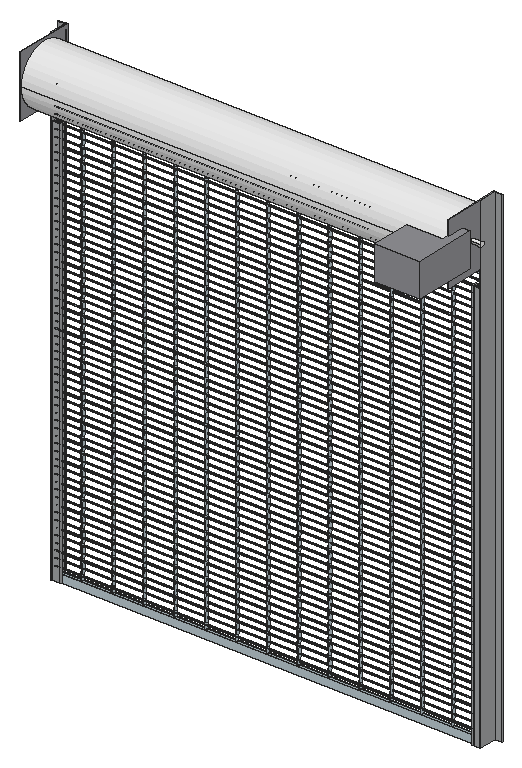
Revit family "Upward-Coiling-Security-Grilles_OHD_Model-671_compact", category Specialty Equipment, host Wall, Revit 2023
Family settings
  Host = Wall
  Round Connector Dimension = Use Diameter
  Part Type = Normal
  OmniClass Number = 23.30.10.21.34
  OmniClass Title = Industrial Doors
  Enable Cutting in Views = No
  Always vertical = Yes
  Cut with Voids When Loaded = Yes
  Maintain Annotation Orientation = No
  Shared = No
  Room Calculation Point = No
Parameters (values of type "115 volts, one phase, 60 Hz (110-120V range)")
  Warning Sign [instance] = if(Calculated Area > 683.00 SF, 1 = 1, 1 = 2)  # no
  Warning (Note) [instance] = if(Warning Sign, "The Door Area is out of the limit; please adjust accordingly. The maximum allowed area is 683 sq. ft.", if(Opening Height > 360", "Headroom Clearance Dimensions - out of the limits. Consult Factory", " "))  # " "
  Wall Thickness [instance] = 6"
  Voltage = 115 V
  Version = "1.00.01"  # constant formula
  True Opening Width [instance] = if(Between Jambs Mounting, Door Width True, Clear Width)  # 120"
  True Opening Height [instance] = if(Between Jambs Mounting, Clear Height + Headroom Height, Clear Height)  # 120"
  M2 Value [instance] = if(Face Of Wall Mounting, 4 3/4", 5 1/2")  # 4 3/4"
  Jambs Offset 2 [instance] = if(Between Jambs Mounting, BJ Displacement Real 2 + G Value, 0")  # 0"
  Door Half 1 [instance] = if(Between Jambs Mounting, Clear Width / 2 + BJ Displacement Real 1 + G Value, Clear Width / 2 + M1 Value)  # 64 3/4"
  Default Elevation = 0"
  Date Updated = "2026/05/29"  # constant formula
  Curtain Type [instance] = if(Curtain Option < 2, "Lattice", if(Curtain Option = 2, "Brick", "Lexan"))  # "Lattice"
  Curtain Option [instance] = 1
  Slat Length [instance] = Clear Width + G Value * 2 - 1" / 2 * 2  # 124"
  Slat Height [instance] = if(Curtain Option < 3, 8", 11 1/2")  # 8"
  Curtain Option Real [instance] = if(Curtain Option < 2, 1, if(Curtain Option = 2, 2, 3))  # 1
  Product Page URL = "https://www.overheaddoor.com/upward-coiling-security-grilles-671"
  Power Factor = 1
  Powder Coat (Note) = "PowderGuard® Premium powder coat finish options are available in approximately 200 colors as well as custom matching to specification. PowderGuard® Textured finish, a thicker, more scratch resistant coat, is available in 11 colors providing enhanced scratch resistance as well as aiding in hiding the dirt and blemishes that often occur in commercial environments.​"  # constant formula
  Operator Visibility = yes
  Operation (Note) [instance] = "Door could operate by manual push, crank, electrical operator or chain hoist. Manual push up and crank could be used up to 80 sf, for larger door sizes you have to use Chain Hoist operator."  # constant formula
  Opening Width Real [instance] = if(Opening Width > Max Opening Width, Max Opening Width, if(Opening Width < Min Opening Width, Min Opening Width, Opening Width))  # 120"
  Opening Width [instance] = 120"
  Opening Height Real [instance] = if(Opening Height > Max Opening Height, Max Opening Height, if(Opening Height < Min Opening Height, Min Opening Height, Opening Height))  # 120"
  Opening Height [instance] = 120"
  Number of Poles = 1
  Motor Type [instance] = if(Between Jambs Mounting, if(Motor Option < 2, "CDX", if(Motor Option = 2, "E-Egress", if(Motor Option = 3, "RSX Front of Hood", "RSX Top of Hood"))), if(Motor Option < 2, "CDX", if(Motor Option = 2, "E-Egress", if(Motor Option = 3, "RSX Front of Hood", if(Motor Option = 4, "RSX Top of Hood", if(Motor Option = 5, "RSX Wall Mount", "RSX Bench Mount"))))))  # "CDX"
  Motor Selection (Note) [instance] = "Generic operator shown. Contact Overhead Door when dimensions are critical. "  # constant formula
  Motor Position [instance] = M1 Value - G Value  # 2 1/4"
  Motor Option Real [instance] = if(Between Jambs Mounting, if(Motor Option < 1, 1, if(Motor Option > 4, 4, Motor Option)), if(Motor Option < 1, 1, if(Motor Option > 6, 6, Motor Option)))  # 1
  Motor Option [instance] = 1
  Min Opening Width [instance] = 76"  # constant formula
  Min Opening Height [instance] = 76"  # constant formula
  Max Opening Width [instance] = 364"  # constant formula
  Max Opening Height [instance] = 208"  # constant formula
  M1 Value [instance] = if(Face Of Wall Mounting, 4 3/4", if(Chain Hoist or Manual, 5 1/2", 9 1/2"))  # 4 3/4"
  Lookup BD (A) [instance] = if(or(Opening Height Real < 79", Opening Height Real = 79"), 15", if(or(Opening Height Real < 130", Opening Height Real = 130"), 17", if(or(Opening Height Real < 190", Opening Height Real = 190"), 19", if(or(Opening Height Real < 234", Opening Height Real = 234"), 21", if(or(Opening Height Real < 270", Opening Height Real = 270"), 23", 25")))))  # 17"
  Jambs Offset 1 [instance] = if(Between Jambs Mounting, BJ Displacement Real 1 + G Value, 0")  # 0"
  Installation Real [instance] = if(Between Jambs Mounting, if((Wall Thickness / 2 - Guid Depth / 2) < 0", 0", Wall Thickness / 2 - Guid Depth / 2), Wall Thickness)  # 6"
  Hood Type [instance] = if(Hood Option < 2, "No Hood", if(Hood Option = 2, "Square Hood", if(Hood Option = 3, "Octagon Hood", "Round Hood")))  # "No Hood"
  Hood Option [instance] = 1
  Hood Offset [instance] = if(Chain Hoist or Manual, 3", 5")  # 5"
  Hood Material [instance] = Metal - Overhead Door - Gray
  Hood Height [instance] = [Lookup HH (B)]  # 18"
  Lookup HH (B) [instance] = if(or(Opening Height Real < 79", Opening Height Real = 79"), 16", if(or(Opening Height Real < 130", Opening Height Real = 130"), 18", if(or(Opening Height Real < 190", Opening Height Real = 190"), 20", if(or(Opening Height Real < 234", Opening Height Real = 234"), 22", if(or(Opening Height Real < 270", Opening Height Real = 270"), 24", 26")))))  # 18"
  Headroom Height Real [instance] = [Lookup HH (B)] + Hood Offset  # 23"
  Headroom Height [instance] = if(Between Jambs Mounting, Headroom Height Real, if(Hood Option > 1, Headroom Height Real + 1 1/2", Headroom Height Real))  # 23"
  Guide Type [instance] = if(Between Jambs Mounting, "Angled Between Jambs Z Guide", "Angled Z Guide")  # "Angled Z Guide"
  Guide Option [instance] = if(Between Jambs Mounting, 1, 2)  # 2
  Guid Depth [instance] = if(Between Jambs Mounting, D Value + 1/4", D Value)  # 5 1/2"
  G Value [instance] = 2 1/2"  # constant formula
  Frequency = 60 Hz
  Face of Wall Offset [instance] = if(Between Jambs Mounting, 0", 5")  # 5"
  Face Of Wall Mounting [instance] = not(Between Jambs Mounting)  # yes
  Door Width True [instance] = if(Between Jambs Mounting, Clear Width + BJ Displacement Real 1 + BJ Displacement Real 2 + G Value * 2, Clear Width + M1 Value + M2 Value)  # 129 1/2"
  Door Width (Real) [instance] = if(Between Jambs Mounting, Clear Width, Clear Width + 1" / 2)  # 120 1/2"
  Door Height True [instance] = Clear Height + Headroom Height  # 143"
  Door Height (Real) [instance] = Clear Height + Hood Offset  # 125"
  URL = "https://www.overheaddoor.com/"
  Product data url = "https://www.bimobject.com/overhead-door/product/upward-coiling-security-grilles-671"
  Product Guid = "f5c8fb94-4e0f-410e-a40e-7a4b6452fa51"
  Model = "671"  # constant formula
  Manufacturer = "Overhead Door Corporation"  # constant formula
  Wall Closure = By host
  Floor To (CL) of Shaft [instance] = Clear Height + Hood Height / 2 + Hood Offset  # 134"
  Finish Material = Metal - Overhead Door - Aluminum
  Description = "Model 671 Security Grille"  # constant formula
  D Value [instance] = 5 1/2"  # constant formula
  Curtain Material1 [instance] = 671 : Galvanized Steel
  Curtain Material Type [instance] = 671 : Galvanized Steel
  Clear Width [instance] = if(Between Jambs Mounting, Opening Width Real - BJ Displacement Real 1 - BJ Displacement Real 2 - G Value * 2, Opening Width Real)  # 120"
  Clear Height [instance] = if(Between Jambs Mounting, Opening Height Real - Headroom Height, Opening Height Real)  # 120"
  Chain Hoist or Manual = no
  Current = 20 A
  Bottom Bar Var [instance] = if(Curtain Material Type = Curtain Material1, 1, 2)  # 1
  BimObject_Variable_Connectors = "No"  # constant formula
  Between Jambs Mounting [instance] = no
  Between Jambs Guides Offset 2 [instance] = M2 Value - G Value  # 2 1/4"
  Between Jambs Guides Offset 1 [instance] = M1 Value - G Value  # 2 1/4"
  Bar [instance] = if(and(Hood Option > 1, Face Of Wall Mounting), 1 = 1, 1 = 2)  # no
  Backroom Depth [instance] = [Lookup BD (A)]  # 17"
  BJ Opening Cut [instance] = if(Between Jambs Mounting, Headroom Height, 0")  # 0"
  BJ Displacement Real 2 [instance] = if(Between Jambs Mounting, Between Jambs Guides Offset 2, 0")  # 0"
  BJ Displacement Real 1 [instance] = if(Between Jambs Mounting, Between Jambs Guides Offset 1, 0")  # 0"
  Array Real [instance] = if(Array < 2, 2, Array)  # 16
  Array Length [instance] = (Array) * Slat Height  # 128"
  Array [instance] = rounddown(([Door Height (Real)] - 3") / Slat Height) + 1  # 16
  Calculated Area [instance] = [Door Width (Real)] * [Door Height (Real)]  # 104.601 SF
  Apparent Load Phase 3 = if(Number of Poles = 1, 0 VA, (Voltage * Current * sqrt(3)) / 3)  # 0 VA
  Apparent Load Phase 2 = if(Number of Poles = 1, 0 VA, (Voltage * Current * sqrt(3)) / 3)  # 0 VA
  Apparent Load Phase 1 = if(Number of Poles = 1, Voltage * Current, (Voltage * Current * sqrt(3)) / 3)  # 2300 VA
Reference planes (in)
  plane 1 "Center (Front/Back)": y = -14.625
  plane 2 "Center (Left/Right)": x = 0
  plane 3 "Left": x = -60
  plane 4 "Right": x = 60
  plane 5 "Exterior": y = -8.625
  plane 6 "Interior": y = -14.625
  plane 7: x = 64.75
  plane 8: x = -64.75
  plane 9: z = 120
  plane 10 "Main": y = -19.75
  plane 11 "Backroom Depth": y = -32.125
  plane 12 "Main Door Block": y = -15.125
  plane 13 "Bottom Bar": z = 2.75
  plane 14: y = -20.125
  plane 15: z = 130.75
  plane 16: z = 143
  plane 17: z = 125
  plane 18: z = 144.5
  plane 19: z = 0
  plane 20: z = 60
  plane 21: y = -19.625
  plane 22: y = 18.375
  plane 23: y = -41.625
  plane 24 "Headroom Top": z = 143
  plane 25: z = 134
  plane 26: x = 62.5
  plane 27: x = -62.5
  plane 28: z = 122.75
  plane 29: z = 2.75
  plane 30: y = -19.75
  plane 31: z = 122.75
  plane 32: y = -19.75
  plane 33: z = 10.75
  plane 34: y = -19.75
  plane 35: z = 18.75
  plane 36: y = -19.75
  plane 37: z = 26.75
  plane 38: y = -19.75
  plane 39: z = 34.75
  plane 40: y = -19.75
  plane 41: z = 42.75
  plane 42: y = -19.75
  plane 43: z = 50.75
  plane 44: y = -19.75
  plane 45: z = 58.75
  plane 46: y = -19.75
  plane 47: z = 66.75
  plane 48: y = -19.75
  plane 49: z = 74.75
  plane 50: y = -19.75
  plane 51: z = 82.75
  plane 52: y = -19.75
  plane 53: z = 90.75
  plane 54: y = -19.75
  plane 55: z = 98.75
  plane 56: y = -19.75
  plane 57: z = 106.75
  plane 58: y = -19.75
  plane 59: z = 114.75
  plane 60: y = -19.75
Forms (in)
  Extrusion 1, void
    sketch origin (0, -15.125, 0) x (0, 0, -1) y (-1, 0, 0)
      loop
        line (-120, 60) -> (-120, -60) -> (0, -60) -> (0, 60) -> (-120, 60)
    from 0.5 to 6.5
  Extrusion 2, solid, material "Metal - Overhead Door - Gray" <- "Hood Material", visible <- "Bar"
    sketch origin (0, 0, 0) x (0, 1, 0) y (0, 0, 1)
      loop
        line (-14.875, 143) -> (-14.625, 143) -> (-14.625, 144.5) -> (-14.875, 144.5) -> (-14.875, 143)
    from -62.25 to 62.25
Lines and regions (in)
  symbolic lines, visible <- "Bar"
    curve 1: line (62.25, -14.625, 0) -> (-62.25, -14.625, 0)
    curve 2: line (-62.25, -14.875, 0) -> (62.25, -14.875, 0)
Text (in)
  text "Exterior" at (-74.96733, 27.31104, 0), in view "Ref. Level"
  text "Interior" at (-74.96733, -25.14366, 0), in view "Ref. Level"
  text "Exterior" at (0, 40.15149, 123.01588), in view "Right"
  text "Interior" at (0, -64.39139, 123.01588), in view "Right"
  text "Interior" at (0, -31.01599, 123.00693), in view "Left"
  text "Exterior" at (0, 54.57065, 123.00693), in view "Left"
Dimensions and locks (in)
  equal spacing: plane 3 "Left", plane 2 "Center (Left/Right)", plane 4 "Right"
  "Clear Width": plane 3 "Left" to plane 4 "Right"
  level to host wall = 459.59655"
  "Clear Height": level to plane 9
  plane 7 to plane 8 = 129 1/2"
  locked: plane 13 "Bottom Bar" to level at 2.75
  "Door Width True": plane 7 to plane 8
  locked: plane 14 to plane 10 "Main" at 0.375
  "Array Length": plane 15 to plane 13 "Bottom Bar"
  "Backroom Depth": plane 11 "Backroom Depth" to plane 12 "Main Door Block"
  "Hood Height": plane 16 to plane 17
  locked: plane 18 to plane 16 at 1.5
  locked: Extrusion 2 sketch curve to Extrusion 2 sketch curve at 0.25
  "Installation Real": plane 1 "Center (Front/Back)" to plane 5 "Exterior"
  "Wall Thickness": host wall to host wall
  equal spacing: plane 9, plane 20, plane 19
  equal spacing: plane 22, host wall, plane 23
  locked: plane 22 to plane 23 at 60
  "BJ Opening Cut": Extrusion 1 sketch curve to plane 9
  locked: Extrusion 2 sketch curve to Extrusion 2 sketch curve at 1.5
  "Hood Offset": plane 17 to plane 9
  "Headroom Height": plane 24 "Headroom Top" to plane 9
  "Floor To (CL) of Shaft": plane 25 to level
  "Jambs Offset 1": plane 4 "Right" to Extrusion 1 sketch curve
  "Jambs Offset 2": Extrusion 1 sketch curve to plane 3 "Left"
  "Between Jambs Guides Offset 1": plane 7 to plane 26
  "Between Jambs Guides Offset 2": plane 27 to plane 8
  locked: plane 27 to Extrusion 2 at 0.25
  locked: Extrusion 2 to plane 26 at 0.25
  "Guid Depth": plane 14 to plane 1 "Center (Front/Back)"
  "Slat Height": plane 15 to plane 28
  equal spacing: group 2, group 16, group 15, group 14, group 13, group 12, group 11, group 10, group 9, group 8, group 7, group 6, group 5, group 4, group 3, group 1  (x2)
  equal spacing: group 1, group 3, group 4, group 5, group 6, group 7, group 8, group 9, group 10, group 11, group 12, group 13, group 14, group 15, group 16, group 2
  locked: plane 14 to plane 21 at 0.5
  "Door Half 1": plane 7 to plane 2 "Center (Left/Right)"
  aligned and locked: plane 5 "Exterior" to host wall
  aligned and locked: host wall to plane 6 "Interior"
  aligned and locked: level to Extrusion 1 sketch curve
  aligned and locked: Extrusion 1 to plane 5 "Exterior"
  aligned and locked: plane 6 "Interior" to Extrusion 1
  aligned and locked: nested 1 to plane 2 "Center (Left/Right)"
  aligned and locked: plane 16 to nested 2
  aligned and locked: nested 1 to level
  aligned and locked: Extrusion 2 sketch curve to plane 18
  aligned and locked: Extrusion 2 sketch curve to plane 6 "Interior"
  aligned and locked: curve 1 to Extrusion 2  (x2)
  aligned and locked: curve 2 to Extrusion 2  (x2)
  aligned and locked: Extrusion 2 to curve 2
  aligned and locked: plane 5 "Exterior" to nested 2
  aligned and locked: level to plane 19
  aligned and locked: nested 1 to plane 1 "Center (Front/Back)"
  aligned and locked: plane 2 "Center (Left/Right)" to nested 3
  aligned and locked: nested 3 to plane 22
  aligned and locked: plane 23 to nested 4
  aligned and locked: nested 4 to plane 2 "Center (Left/Right)"
  aligned and locked: nested 5 to plane 20
  aligned and locked: plane 2 "Center (Left/Right)" to nested 5
  aligned and locked: nested 2 to plane 26
  aligned and locked: nested 5 to plane 21
  aligned and locked: plane 13 "Bottom Bar" to plane 29
  aligned and locked: plane 10 "Main" to plane 30
  aligned and locked: plane 28 to plane 31
  aligned and locked: plane 10 "Main" to plane 32
Automatic sketch dimensions
  curve 1 to curve 2 = 0"
Nested families (in)
  nested 1: "Lifts" at (0, -14.625, 0), type "Frame Unit"
    with Square Hood no, Round Hood no, Octagon Hood no
  nested 2: "Motor" at (62.0605, -31.625, 125), visible <- "Operator Visibility", type "Trolley Motor"
    with Not Chain Hoist no, Not Bench + Top yes, Horizontal Mount 0", Vertical Mount 18", Motor Option 1, Hood Mount 6.81", Face+Top no, Face Mount RSX no, Face + Top + Bench no, E-Egress no, Chain V Offset 9", Chain H Offset 0", CH Real no, CDX yes
  nested 3: "Label Annotation 1" at (0, 18.375, 0), visible <- "Warning Sign", type "Label Annotation 1"
  nested 4: "Label Annotation 1" at (0, -41.625, 0) x (-1, 0, 0) z (0, 0, 1), visible <- "Warning Sign", type "Label Annotation 1"
  nested 5: "Warning Sign" at (0, -19.625, 60), visible <- "Warning Sign", type "Warning Sign"
    with Warning Sign no
  nested 6: "671" at (0, -19.75, 2.75), Opening Width <- "Slat Length", Slat Option <- "Curtain Option Real", type <- "Curtain Material Type", type "Galvanized Steel"
    with Step H 9", Slat Option 1, SetBack 2", Second Rod Position 1.38", Overall Height 8.38", Opening Width 124", Lexan no, Lattice yes, First Rod Position 1", Brick End yes, Brick no, Array Visibility yes, Array Real 12, Array Length 108.16", Array 12, 1 Element Visibility no
  nested 7: "671" at (0, -19.75, 122.75), Opening Width <- "Slat Length", Slat Option <- "Curtain Option Real", type <- "Curtain Material Type", type "Galvanized Steel"
    with Step H 9", Slat Option 1, SetBack 2", Second Rod Position 1.38", Overall Height 8.38", Opening Width 124", Lexan no, Lattice yes, First Rod Position 1", Brick End yes, Brick no, Array Visibility yes, Array Real 12, Array Length 108.16", Array 12, 1 Element Visibility no
  nested 8: "671" at (0, -19.75, 10.75), Opening Width <- "Slat Length", Slat Option <- "Curtain Option Real", type <- "Curtain Material Type", type "Galvanized Steel"
    with Step H 9", Slat Option 1, SetBack 2", Second Rod Position 1.38", Overall Height 8.38", Opening Width 124", Lexan no, Lattice yes, First Rod Position 1", Brick End yes, Brick no, Array Visibility yes, Array Real 12, Array Length 108.16", Array 12, 1 Element Visibility no
  nested 9: "671" at (0, -19.75, 18.75), Opening Width <- "Slat Length", Slat Option <- "Curtain Option Real", type <- "Curtain Material Type", type "Galvanized Steel"
    with Step H 9", Slat Option 1, SetBack 2", Second Rod Position 1.38", Overall Height 8.38", Opening Width 124", Lexan no, Lattice yes, First Rod Position 1", Brick End yes, Brick no, Array Visibility yes, Array Real 12, Array Length 108.16", Array 12, 1 Element Visibility no
  nested 10: "671" at (0, -19.75, 26.75), Opening Width <- "Slat Length", Slat Option <- "Curtain Option Real", type <- "Curtain Material Type", type "Galvanized Steel"
    with Step H 9", Slat Option 1, SetBack 2", Second Rod Position 1.38", Overall Height 8.38", Opening Width 124", Lexan no, Lattice yes, First Rod Position 1", Brick End yes, Brick no, Array Visibility yes, Array Real 12, Array Length 108.16", Array 12, 1 Element Visibility no
  nested 11: "671" at (0, -19.75, 34.75), Opening Width <- "Slat Length", Slat Option <- "Curtain Option Real", type <- "Curtain Material Type", type "Galvanized Steel"
    with Step H 9", Slat Option 1, SetBack 2", Second Rod Position 1.38", Overall Height 8.38", Opening Width 124", Lexan no, Lattice yes, First Rod Position 1", Brick End yes, Brick no, Array Visibility yes, Array Real 12, Array Length 108.16", Array 12, 1 Element Visibility no
  nested 12: "671" at (0, -19.75, 42.75), Opening Width <- "Slat Length", Slat Option <- "Curtain Option Real", type <- "Curtain Material Type", type "Galvanized Steel"
    with Step H 9", Slat Option 1, SetBack 2", Second Rod Position 1.38", Overall Height 8.38", Opening Width 124", Lexan no, Lattice yes, First Rod Position 1", Brick End yes, Brick no, Array Visibility yes, Array Real 12, Array Length 108.16", Array 12, 1 Element Visibility no
  nested 13: "671" at (0, -19.75, 50.75), Opening Width <- "Slat Length", Slat Option <- "Curtain Option Real", type <- "Curtain Material Type", type "Galvanized Steel"
    with Step H 9", Slat Option 1, SetBack 2", Second Rod Position 1.38", Overall Height 8.38", Opening Width 124", Lexan no, Lattice yes, First Rod Position 1", Brick End yes, Brick no, Array Visibility yes, Array Real 12, Array Length 108.16", Array 12, 1 Element Visibility no
  nested 14: "671" at (0, -19.75, 58.75), Opening Width <- "Slat Length", Slat Option <- "Curtain Option Real", type <- "Curtain Material Type", type "Galvanized Steel"
    with Step H 9", Slat Option 1, SetBack 2", Second Rod Position 1.38", Overall Height 8.38", Opening Width 124", Lexan no, Lattice yes, First Rod Position 1", Brick End yes, Brick no, Array Visibility yes, Array Real 12, Array Length 108.16", Array 12, 1 Element Visibility no
  nested 15: "671" at (0, -19.75, 66.75), Opening Width <- "Slat Length", Slat Option <- "Curtain Option Real", type <- "Curtain Material Type", type "Galvanized Steel"
    with Step H 9", Slat Option 1, SetBack 2", Second Rod Position 1.38", Overall Height 8.38", Opening Width 124", Lexan no, Lattice yes, First Rod Position 1", Brick End yes, Brick no, Array Visibility yes, Array Real 12, Array Length 108.16", Array 12, 1 Element Visibility no
  nested 16: "671" at (0, -19.75, 74.75), Opening Width <- "Slat Length", Slat Option <- "Curtain Option Real", type <- "Curtain Material Type", type "Galvanized Steel"
    with Step H 9", Slat Option 1, SetBack 2", Second Rod Position 1.38", Overall Height 8.38", Opening Width 124", Lexan no, Lattice yes, First Rod Position 1", Brick End yes, Brick no, Array Visibility yes, Array Real 12, Array Length 108.16", Array 12, 1 Element Visibility no
  nested 17: "671" at (0, -19.75, 82.75), Opening Width <- "Slat Length", Slat Option <- "Curtain Option Real", type <- "Curtain Material Type", type "Galvanized Steel"
    with Step H 9", Slat Option 1, SetBack 2", Second Rod Position 1.38", Overall Height 8.38", Opening Width 124", Lexan no, Lattice yes, First Rod Position 1", Brick End yes, Brick no, Array Visibility yes, Array Real 12, Array Length 108.16", Array 12, 1 Element Visibility no
  nested 18: "671" at (0, -19.75, 90.75), Opening Width <- "Slat Length", Slat Option <- "Curtain Option Real", type <- "Curtain Material Type", type "Galvanized Steel"
    with Step H 9", Slat Option 1, SetBack 2", Second Rod Position 1.38", Overall Height 8.38", Opening Width 124", Lexan no, Lattice yes, First Rod Position 1", Brick End yes, Brick no, Array Visibility yes, Array Real 12, Array Length 108.16", Array 12, 1 Element Visibility no
  nested 19: "671" at (0, -19.75, 98.75), Opening Width <- "Slat Length", Slat Option <- "Curtain Option Real", type <- "Curtain Material Type", type "Galvanized Steel"
    with Step H 9", Slat Option 1, SetBack 2", Second Rod Position 1.38", Overall Height 8.38", Opening Width 124", Lexan no, Lattice yes, First Rod Position 1", Brick End yes, Brick no, Array Visibility yes, Array Real 12, Array Length 108.16", Array 12, 1 Element Visibility no
  nested 20: "671" at (0, -19.75, 106.75), Opening Width <- "Slat Length", Slat Option <- "Curtain Option Real", type <- "Curtain Material Type", type "Galvanized Steel"
    with Step H 9", Slat Option 1, SetBack 2", Second Rod Position 1.38", Overall Height 8.38", Opening Width 124", Lexan no, Lattice yes, First Rod Position 1", Brick End yes, Brick no, Array Visibility yes, Array Real 12, Array Length 108.16", Array 12, 1 Element Visibility no
  nested 21: "671" at (0, -19.75, 114.75), Opening Width <- "Slat Length", Slat Option <- "Curtain Option Real", type <- "Curtain Material Type", type "Galvanized Steel"
    with Step H 9", Slat Option 1, SetBack 2", Second Rod Position 1.38", Overall Height 8.38", Opening Width 124", Lexan no, Lattice yes, First Rod Position 1", Brick End yes, Brick no, Array Visibility yes, Array Real 12, Array Length 108.16", Array 12, 1 Element Visibility no
Connectors (in)
  electrical at (65.0485, -30.23077, 135.5698), driven by "Apparent Load Phase 1", driven by "Power Factor", driven by "Voltage", driven by "Apparent Load Phase 2", driven by "Apparent Load Phase 3", driven by "Number of Poles"
    settings: on nested 2, index 1, voltage 115 V, apparent load 0 VA, apparent load phase1 2300 VA, apparent load phase2 0 VA, apparent load phase3 0 VA, power factor 1, load classification "Other", number of poles 1, system type 31, power factor state 1, is connector primary yes, connector utility no, sub classification motor no, connector description "Electrical Connector"
Definition of nested family "Lifts"
  Parameters (values of type "Frame Unit")
    True Width = if(Between Jambs, Opening Width, Opening Width + 1/2")  # 120 1/2"
    Square Hood [instance] = if(Hood Option = 2, 1 = 1, 1 = 2)  # no
    Slat2 = not(Slat1)  # no
    Slat1 = if(BB V < 2, 1 = 1, 1 = 2)  # yes
    Slat Option = 1
    Slat Material2 = none
    Slat Material1 = none
    Round Hood [instance] = if(Hood Option > 3, 1 = 1, 1 = 2)  # no
    Rough Width = 0"
    Rough Height = 0"
    Octagon Hood [instance] = if(Hood Option = 3, 1 = 1, 1 = 2)  # no
    No Hood = if(Hood Option < 2, 1 = 1, 1 = 2)  # yes
    M2 Value = 4 3/4"
    M1 Value = 4 3/4"
    Hood Type = if(Hood Option < 2, "No Hood", if(Hood Option = 2, "Square Hood", if(Hood Option = 3, "Octagon Hood", "Round Hood")))  # "No Hood"
    Hood Option = 1
    Hood Offset = 5"
    Hood Height = Headroom Height Real - Hood Offset  # 18"
    Headroom Height Real = Headroom Height  # 23"
    Half Octagon Side = (Radius Hood * 2 * tan(180.00° / 8)) / 2  # 3.52082"
    Half Hood Height = Headroom Height - Hood Offset  # 18"
    Guide Z Wide 2 = if(Between Jambs, Guide Offset 2 - G Value + BJ2 Connection Length - BJ2 Displacement * 2 / 3, M2 Value - G Value)  # 2 1/4"
    Guide Z Wide 1 = if(Between Jambs, Guide Offset 1 - G Value + BJ1 Connection Length - BJ1 Displacement * 2 / 3, M1 Value - G Value)  # 2 1/4"
    Guide Offset 2 = BJ2 Displacement + G Value  # 2 1/2"
    Guide Offset 1 = BJ1 Displacement + G Value  # 2 1/2"
    G Value = 2 1/2"
    E Guide Width 2 = if(Between Jambs, Guide Offset 2 - G Value + BJ2 Connection Length - BJ2 Displacement * 2 / 3, 3")  # 3"
    E Guide Width 1 = if(Between Jambs, Guide Offset 1 - G Value + BJ1 Connection Length - BJ1 Displacement * 2 / 3, 3")  # 3"
    E Guide Height = D Value - 1/2"  # 5"
    Z Guide = 1 = 1  # yes
    Shaft Offset = if(Hood Option > 3, (Header Width - (Header Width - Hood Height)) / 2, if(Hood Height < Header Width, (Header Width - (Header Width - Hood Height)) / 2, Header Width / 2))  # 8 1/2"
    Shaft Length 1 = if(Between Jambs, G Value + BJ1 Displacement, G Value + 3")  # 5 1/2"
    Shaft Length 2 = if(Between Jambs, G Value + BJ2 Displacement, G Value + 3")  # 5 1/2"
    Setback = 0"  # constant formula
    Radius Hood = Shaft Offset  # 8 1/2"
    Opening Width = 120"
    Hood Material = none
    Headroom Height = 23"
    Header Width = 17"
    Opening Height = 120"
    Guide Type = if(Between Jambs, "Angled Between Jambs Z Guide", if(Guide Option > 1, "Angled Z Guide", "Angled E Guide"))  # "Angled Z Guide"
    Guide Option = if(Between Jambs, 1, 2)  # 2
    Guide Z Height = D Value  # 5 1/2"
    Floor To (CL) of Shaft = 134"
    Finish Material = none
    Face to Wall Mount = not(Between Jambs)  # yes
    E Guide = if(Between Jambs, 1 = 1, 1 = 2)  # no
    Default Elevation = 0"
    D Value = 5 1/2"
    Custom Hood = not(No Hood)  # no
    Between Jambs = no
    BJ2 Displacement = 0"
    BJ2 Connection Length = 1 / 3 * BJ2 Displacement  # 0"
    BJ1 Displacement = 0"
    BJ1 Connection Length = 1 / 3 * BJ1 Displacement  # 0"
    BJ Position = if(Between Jambs, 1/4", 0")  # 0"
    BB V = 1
    Angled Guide = 1 = 1  # yes
    Aditional Elements Material = none
  Reference planes (in)
    plane 1 "Center (Front/Back)": y = 0
    plane 2: z = 0
    plane 3 "Center (Left/Right)": x = 0
    plane 4 "Opening Height": z = 120
    plane 5: x = -65.5
    plane 6: x = 65.5
    plane 7: z = 143
    plane 8: y = 17
    plane 9 "Real Opening 2": x = -60
    plane 10 "Real Opening 1": x = 60
    plane 11: z = 125
    plane 12 "Main": y = 0
    plane 13: z = 134
    plane 14: y = 8.5
    plane 15: x = 62.5
    plane 16: x = -62.5
    plane 17: x = -62.5
    plane 18: x = 62.5
    plane 19: y = 5.5
    plane 20: x = -62.25
    plane 21: x = 62.25
    plane 22: y = 8.5
    plane 23: z = 144.5
    plane 24: y = 5.5
    plane 25: y = 4.75
    plane 26: y = 5.5
    plane 27: y = 4.75
    plane 28: y = 8.5
    plane 29: y = 5.5
    plane 30: y = 4.75
    plane 31: y = 5.5
    plane 32: y = 4.75
  Forms (in)
    Extrusion 1, solid, material <- "Slat Material1", visible <- "Slat1"
      sketch origin (0, 0, 0) x (0, 1, 0) y (0, 0, 1)
        loop
          line (5, 2.375) -> (5, 2.75) -> (4.5, 2.75) -> (4.5, 2.375) -> (5, 2.375)
      from -62.25 to 62.25
    Extrusion 2, solid, material <- "Slat Material1", visible <- "Slat1"
      sketch origin (0, 0, 0) x (0, 1, 0) y (0, 0, 1)
        loop
          line (5, 2.375) -> (4.5, 2.375) -> (4.5, 0) -> (5, 0) -> (5, 2.375)
      from -62.25 to 62.25
    Extrusion 3, solid, material <- "Aditional Elements Material"
      sketch origin (0, -5.35201, 0) x (0, 1, 0) y (0, 0, 1)
        loop
          circle (13.85201, 134) r 0.6
      from -65.5 to 65.5
    Extrusion 4, solid, material <- "Hood Material", visible <- "Square Hood"
      sketch origin (0, 0, 0) x (0, 1, 0) y (0, 0, 1)
        loop
          line (0, 125) -> (17, 125) -> (17, 143) -> (0, 143) -> (0, 125)
      from -62.25 to 62.25
    Extrusion 5, solid, material <- "Hood Material", visible <- "Round Hood"
      sketch origin (0, 0, 0) x (0, 1, 0) y (0, 0, 1)
        loop
          line (0, 143) -> (0, 125) -> (8.5, 125)
          arc (8.5, 125) -> (17.5, 134) -> (8.5, 143) r 9
          line (8.5, 143) -> (0, 143)
      from -62.25 to 62.25
    Extrusion 6, solid, material <- "Finish Material", visible <- "E Guide"
      sketch origin (0, 0, 0) x (1, 0, 0) y (0, 1, 0)
        loop
          line (59.5, 0) -> (62.312, 0)
          arc (62.312, 0) -> (62.44494, 0.05506) -> (62.5, 0.188) r 0.188
          line (62.5, 0.188) -> (62.5, 5) -> (62.25, 5) -> (62.25, 0.25) -> (59.5, 0.25) -> (59.5, 0)
        loop
          line (-59.5, 0) -> (-59.5, 0.25) -> (-62.25, 0.25) -> (-62.25, 5) -> (-62.5, 5) -> (-62.5, 0.188)
          arc (-62.5, 0.188) -> (-62.44494, 0.05506) -> (-62.312, 0) r 0.188
          line (-62.312, 0) -> (-59.5, 0)
      from 0 to 143
    Extrusion 7, solid, material <- "Finish Material", visible <- "Z Guide"
      sketch origin (0, 0, 0) x (1, 0, 0) y (0, 1, 0)
        loop
          line (64.75, 0) -> (64.75, 0.25) -> (62.75, 0.25) -> (62.75, 5.5) -> (62.5, 5.5) -> (62.5, 0.188)
          arc (62.5, 0.188) -> (62.55506, 0.05506) -> (62.688, 0) r 0.188
          line (62.688, 0) -> (64.75, 0)
        loop
          line (-64.75, 0) -> (-62.688, 0)
          arc (-62.688, 0) -> (-62.55506, 0.05506) -> (-62.5, 0.188) r 0.188
          line (-62.5, 0.188) -> (-62.5, 5.5) -> (-62.75, 5.5) -> (-62.75, 0.25) -> (-64.75, 0.25) -> (-64.75, 0)
      from 0 to 143
    Extrusion 8, solid, material <- "Finish Material", visible <- "Angled Guide"
      sketch origin (0, 0, 0) x (1, 0, 0) y (0, 1, 0)
        loop
          line (60, 5.5) -> (60, 5) -> (60.5625, 5) -> (60.5625, 5.3125) -> (62.3125, 5.3125) -> (62.3125, 4.1875) -> (60.5625, 4.1875) -> (60.5625, 4.5) -> (60, 4.5) -> (60, 4) -> (62.5, 4) -> (62.5, 5.5) -> (60, 5.5)
        loop
          line (-60, 5.5) -> (-62.5, 5.5) -> (-62.5, 4) -> (-60, 4) -> (-60, 4.5) -> (-60.5625, 4.5) -> (-60.5625, 4.1875) -> (-62.3125, 4.1875) -> (-62.3125, 5.3125) -> (-60.5625, 5.3125) -> (-60.5625, 5) -> (-60, 5) -> (-60, 5.5)
      from 0 to 120
    Extrusion 9, solid, material <- "Hood Material"
      sketch origin (0, 0, 0) x (-1, 0, 0) y (0, 0, 1)
        loop
          line (62.25, 125) -> (62.5, 125) -> (62.5, 143) -> (62.25, 143) -> (62.25, 125)
        loop
          line (-62.5, 125) -> (-62.25, 125) -> (-62.25, 143) -> (-62.5, 143) -> (-62.5, 125)
      from 0 to 17
    Extrusion 10, solid, material <- "Aditional Elements Material", visible <- "No Hood"
      sketch origin (0, 0, 0) x (0, 1, 0) y (0, 0, 1)
        loop
          circle (8.5, 134) r 8.5
      from -62.25 to 62.25
    Extrusion 11, solid, material <- "Hood Material", visible <- "Octagon Hood"
      sketch origin (0, 0, 0) x (0, 1, 0) y (0, 0, 1)
        loop
          line (0, 143) -> (0, 125) -> (12.02082, 125) -> (17, 130.47918) -> (17, 137.52082) -> (12.02082, 143) -> (0, 143)
      from -62.25 to 62.25
    Extrusion 12, solid, material <- "Slat Material2", visible <- "Slat2"
      sketch origin (0, 4, 0) x (0, 1, 0) y (0, 0, 1)
        loop
          line (1, 2.375) -> (1, 2.75) -> (0.5, 2.75) -> (0.5, 2.375) -> (1, 2.375)
      from -62.25 to 62.25
    Extrusion 13, solid, material <- "Slat Material2", visible <- "Slat2"
      sketch origin (0, 4, 0) x (0, 1, 0) y (0, 0, 1)
        loop
          line (1, 2.375) -> (0.5, 2.375) -> (0.5, 0) -> (1, 0) -> (1, 2.375)
      from -62.25 to 62.25
  Lines and regions (in)
    Masking region 1
      outline origin (0, 0, 0) x (1, 0, 0) y (0, 1, 0)
        loop
          line (65.5, 9.1) -> (62.5, 9.1) -> (62.5, 7.9) -> (65.5, 7.9) -> (65.5, 9.1)
        loop
          line (-65.5, 7.9) -> (-62.5, 7.9) -> (-62.5, 9.1) -> (-65.5, 9.1) -> (-65.5, 7.9)
    Masking region 2, visible <- "Z Guide"
      outline origin (0, 0, 0) x (1, 0, 0) y (0, 1, 0)
        loop
          line (-62.5, 0.188) -> (-62.5, 5.5) -> (-62.75, 5.5) -> (-62.75, 0.25) -> (-64.75, 0.25) -> (-64.75, 0) -> (-62.688, 0)
          arc (-62.688, 0) -> (-62.55506, 0.05506) -> (-62.5, 0.188) r 0.188
        loop
          line (62.5, 5.5) -> (62.5, 0.188)
          arc (62.5, 0.188) -> (62.55506, 0.05506) -> (62.688, 0) r 0.188
          line (62.688, 0) -> (64.75, 0) -> (64.75, 0.25) -> (62.75, 0.25) -> (62.75, 5.5) -> (62.5, 5.5)
    Masking region 3, visible <- "E Guide"
      outline origin (0, 0, 0) x (1, 0, 0) y (0, 1, 0)
        loop
          line (62.5, 0.188) -> (62.5, 5) -> (62.25, 5) -> (62.25, 0.25) -> (59.5, 0.25) -> (59.5, 0) -> (62.312, 0)
          arc (62.312, 0) -> (62.44494, 0.05506) -> (62.5, 0.188) r 0.188
        loop
          line (-62.25, 0.25) -> (-62.25, 5) -> (-62.5, 5) -> (-62.5, 0.188)
          arc (-62.5, 0.188) -> (-62.44494, 0.05506) -> (-62.312, 0) r 0.188
          line (-62.312, 0) -> (-59.5, 0) -> (-59.5, 0.25) -> (-62.25, 0.25)
    Masking region 4, visible <- "No Hood"
      outline origin (0, 0, 0) x (1, 0, 0) y (0, 1, 0)
        loop
          line (-62.25, 17) -> (-62.25, 0) -> (62.25, 0) -> (62.25, 17) -> (-62.25, 17)
    Masking region 5, visible <- "Custom Hood"
      outline origin (0, 0, 0) x (1, 0, 0) y (0, 1, 0)
        loop
          line (-62.25, 17) -> (-62.25, 0) -> (62.25, 0) -> (62.25, 17) -> (-62.25, 17)
    Masking region 6
      outline origin (0, 0, 0) x (1, 0, 0) y (0, 1, 0)
        loop
          line (-62.5, 17) -> (-62.5, 0) -> (-62.25, 0) -> (-62.25, 17) -> (-62.5, 17)
        loop
          line (62.25, 17) -> (62.25, 0) -> (62.5, 0) -> (62.5, 17) -> (62.25, 17)
    symbolic lines
      curve 1: line (-62.25, 0, 0) -> (-62.25, 17, 0)
      curve 2: line (62.25, 17, 0) -> (62.25, 0, 0)
    symbolic lines, visible <- "Octagon Hood"
      curve 3: line (-62.25, 12.02082, 0) -> (62.25, 12.02082, 0)
  Dimensions and locks (in)
    Extrusion 1 sketch curve to level = 2 3/8"
    locked: Extrusion 1 sketch curve to Extrusion 1 sketch curve at 0.5
    locked: Extrusion 2 sketch curve to level at 2.375
    "Headroom Height Real": plane 7 to plane 4 "Opening Height"
    plane 8 to plane 1 "Center (Front/Back)" = 17"
    "Radius Hood": Extrusion 5 sketch curve to plane 8
    "Opening Height": plane 4 "Opening Height" to level
    "Hood Offset": plane 11 to plane 4 "Opening Height"
    "BJ Position": plane 12 "Main" to plane 1 "Center (Front/Back)"
    "Header Width": plane 12 "Main" to plane 8
    "Floor To (CL) of Shaft": plane 13 to level
    "Shaft Offset": Extrusion 3 sketch curve to plane 8
    locked: Extrusion 2 sketch curve to Extrusion 2 sketch curve at 0.5
    "Shaft Offset": plane 8 to plane 14
    locked: Masking region 1 sketch curve to Masking region 1 sketch curve at 1.2
    locked: Masking region 1 sketch curve to plane 14 at 0.6
    "Guide Offset 1": plane 10 "Real Opening 1" to plane 15
    "Guide Offset 2": plane 16 to plane 9 "Real Opening 2"
    locked: Extrusion 6 sketch curve to Extrusion 6 sketch curve at 0.25  (x4)
    "E Guide Height": Extrusion 6 sketch curve to Extrusion 6 sketch curve  (x2)
    "E Guide Width 1": Extrusion 6 sketch curve to Extrusion 6 sketch curve
    "E Guide Width 2": Extrusion 6 sketch curve to Extrusion 6 sketch curve
    locked: Extrusion 7 sketch curve to Extrusion 7 sketch curve at 0.25  (x4)
    "Guide Z Wide 1": Extrusion 7 sketch curve to Extrusion 7 sketch curve
    "Guide Z Height": Extrusion 7 sketch curve to Extrusion 7 sketch curve  (x2)
    "Guide Z Wide 2": Extrusion 7 sketch curve to Extrusion 7 sketch curve
    "G Value": Extrusion 7 sketch curve to plane 9 "Real Opening 2"
    "G Value": plane 10 "Real Opening 1" to Extrusion 7 sketch curve
    "G Value": plane 10 "Real Opening 1" to plane 18
    "G Value": plane 17 to plane 9 "Real Opening 2"
    "Shaft Length 2": plane 5 to plane 9 "Real Opening 2"
    "Shaft Length 1": plane 6 to plane 10 "Real Opening 1"
    locked: Extrusion 2 to plane 18 at 0.25
    locked: Extrusion 2 to plane 17 at 0.25
    locked: plane 17 to plane 20 at 0.25
    locked: plane 21 to plane 18 at 0.25
    "Shaft Offset": Extrusion 10 sketch curve to plane 8
    plane 13 to plane 11 = 9"
    plane 7 to plane 13 = 9"
    "Shaft Offset": plane 22 to plane 8
    "Half Octagon Side": Extrusion 11 sketch curve to plane 13
    "Half Octagon Side": plane 13 to Extrusion 11 sketch curve
    "Half Octagon Side": plane 22 to Extrusion 11 sketch curve  (x2)
    equal spacing: plane 9 "Real Opening 2", plane 3 "Center (Left/Right)", plane 10 "Real Opening 1"
    "Opening Width": plane 9 "Real Opening 2" to plane 10 "Real Opening 1"
    locked: plane 23 to plane 7 at 1.5
    "D Value": plane 1 "Center (Front/Back)" to plane 19
    "D Value": plane 24 to plane 1 "Center (Front/Back)"
    locked: plane 24 to plane 25 at 0.75
    equal spacing: Extrusion 1 sketch curve, plane 25, Extrusion 1 sketch curve
    "D Value": plane 26 to plane 1 "Center (Front/Back)"
    locked: plane 26 to plane 27 at 0.75
    equal spacing: Extrusion 2 sketch curve, plane 27, Extrusion 2 sketch curve
    locked: Extrusion 8 sketch curve to Extrusion 8 sketch curve at 0.5  (x4)
    locked: Extrusion 8 sketch curve to Extrusion 8 sketch curve at 1.5  (x2)
    locked: Extrusion 8 sketch curve to Extrusion 8 sketch curve at 0.5625  (x2)
    locked: Extrusion 8 sketch curve to Extrusion 8 sketch curve at 0.1875  (x6)
    "Setback": Extrusion 8 sketch curve to plane 9 "Real Opening 2"
    "G Value": Extrusion 8 sketch curve to Extrusion 8 sketch curve  (x2)
    "Setback": plane 10 "Real Opening 1" to Extrusion 8 sketch curve
    "Shaft Offset": plane 8 to plane 28
    "Radius Hood": plane 28 to Masking region 4 sketch curve
    locked: Extrusion 12 sketch curve to Extrusion 12 sketch curve at 0.5
    locked: Extrusion 13 sketch curve to Extrusion 13 sketch curve at 0.5
    locked: plane 29 to plane 30 at 0.75
    equal spacing: Extrusion 12 sketch curve, plane 30, Extrusion 12 sketch curve
    locked: plane 31 to plane 32 at 0.75
    equal spacing: Extrusion 13 sketch curve, plane 32, Extrusion 13 sketch curve
    locked: Extrusion 13 sketch curve to Extrusion 13 sketch curve at 2.375
    locked: Extrusion 12 sketch curve to Extrusion 12 sketch curve at 0.375
    locked: Extrusion 12 sketch curve to level at 2.375
    "D Value": plane 1 "Center (Front/Back)" to plane 31
    "D Value": plane 1 "Center (Front/Back)" to plane 29
    "Radius Hood": radius of Extrusion 10 sketch curve
    locked: Extrusion 7 sketch curve to Extrusion 7 sketch curve (radius 0.188")  (x2)
    locked: Extrusion 6 sketch curve to Extrusion 6 sketch curve (radius 0.188")  (x2)
    aligned and locked: plane 2 to level
    aligned and locked: plane 5 to Extrusion 3
    aligned and locked: Extrusion 3 to plane 6
    aligned and locked: Extrusion 4 sketch curve to plane 7
    aligned and locked: Extrusion 4 sketch curve to plane 8
    aligned and locked: Extrusion 5 sketch curve to plane 7
    aligned and locked: plane 13 to Extrusion 3 sketch curve
    aligned and locked: plane 5 to Masking region 1 sketch curve
    aligned and locked: plane 6 to Masking region 1 sketch curve
    aligned and locked: Masking region 1 sketch curve to Masking region 1 sketch curve  (x2)
    aligned and locked: plane 12 "Main" to Extrusion 6 sketch curve  (x2)
    aligned and locked: Extrusion 6 sketch curve to plane 15
    aligned and locked: plane 16 to Extrusion 6 sketch curve
    aligned and locked: Extrusion 7 sketch curve to plane 1 "Center (Front/Back)"  (x2)
    aligned and locked: plane 4 "Opening Height" to Extrusion 8
    aligned and locked: Extrusion 5 sketch curve to plane 12 "Main"
    aligned and locked: plane 12 "Main" to Extrusion 4 sketch curve
    aligned and locked: Extrusion 9 sketch curve to plane 11  (x2)
    aligned and locked: Extrusion 9 sketch curve to plane 7  (x2)
    aligned and locked: plane 17 to Extrusion 9 sketch curve
    aligned and locked: Extrusion 9 sketch curve to plane 18
    aligned and locked: Extrusion 2 to Extrusion 1
    aligned and locked: Extrusion 1 to Extrusion 2
    aligned and locked: Extrusion 9 to curve 1
    aligned and locked: Extrusion 9 to curve 2
    aligned and locked: plane 18 to Masking region 1 sketch curve
    aligned and locked: Masking region 1 sketch curve to plane 17
    aligned and locked: plane 20 to Extrusion 9 sketch curve
    aligned and locked: plane 21 to Extrusion 9 sketch curve
    aligned and locked: plane 20 to Extrusion 4
    aligned and locked: plane 20 to Extrusion 5
    aligned and locked: Extrusion 4 to plane 21
    aligned and locked: Extrusion 5 to plane 21
    aligned and locked: plane 13 to Extrusion 10 sketch curve
    aligned and locked: Extrusion 11 sketch curve to plane 12 "Main"
    aligned and locked: Extrusion 11 sketch curve to plane 7
    aligned and locked: Extrusion 11 sketch curve to plane 11
    aligned and locked: Extrusion 11 sketch curve to plane 8
    aligned and locked: Extrusion 11 to plane 20
    aligned and locked: Extrusion 11 to plane 21
    aligned and locked: plane 20 to Extrusion 10
    aligned and locked: Extrusion 10 to plane 21
    aligned and locked: plane 8 to Extrusion 9
    aligned and locked: Extrusion 11 to curve 3
    aligned and locked: plane 20 to curve 3
    aligned and locked: plane 21 to curve 3
    aligned and locked: plane 7 to Extrusion 7
    aligned and locked: plane 7 to Extrusion 6
    aligned and locked: Extrusion 4 sketch curve to plane 11
    aligned and locked: Extrusion 5 sketch curve to plane 11
    aligned and locked: Extrusion 8 sketch curve to Extrusion 8 sketch curve  (x4)
    aligned and locked: Extrusion 8 sketch curve to plane 19
    aligned and locked: plane 19 to Extrusion 8 sketch curve
    aligned and locked: Masking region 2 sketch curve to Extrusion 7  (x12)
    aligned and locked: Masking region 3 sketch curve to Extrusion 6  (x12)
    aligned and locked: Masking region 4 sketch curve to Extrusion 10  (x2)
    aligned and locked: plane 8 to Masking region 4 sketch curve
    aligned and locked: Masking region 5 sketch curve to Extrusion 4  (x4)
    aligned and locked: Masking region 6 sketch curve to Extrusion 9  (x8)
    aligned and locked: Extrusion 13 to Extrusion 12
    aligned and locked: Extrusion 12 to Extrusion 13
    aligned and locked: level to Extrusion 13 sketch curve
    aligned and locked: plane 20 to Extrusion 13
    aligned and locked: Extrusion 13 to plane 21
  Automatic sketch dimensions
    plane 1 "Center (Front/Back)" to curve 2 = 0"
    curve 1 to plane 1 "Center (Front/Back)" = 0"
    curve 2 to plane 8 = 0"
    curve 1 to plane 8 = 0"
    Extrusion 1 sketch curve to Extrusion 1 sketch curve = 3/8"
    Extrusion 2 sketch curve to level = 0"
    radius of Extrusion 3 sketch curve = 0.6"
Definition of nested family "Motor"
  Parameters (values of type "Trolley Motor")
    Wall Mount RSX = if(Chain Hoist, 1 = 2, if(Motor Option = 5, 1 = 1, 1 = 2))  # no
    Top Mount RSX = if(Chain Hoist, 1 = 2, if(Motor Option = 4, 1 = 1, 1 = 2))  # no
    Shaft Material = none
    Real Exterior Wall Offset = if(Wall Mount RSX, Displacement, Exterior Wall Offset)  # 6"
    Not Chain Hoist = not(or(CDX, Chain Hoist))  # yes
    Not Bench + Top = not(or([E-Egress], Top Mount RSX, Chain Hoist, Bench Mount RSX))  # no
    Horizontal Mount = if(or([E-Egress], Face Mount RSX), 5.08" + 0.12" + 2.38", if(Top Mount RSX, 11.19", if(Wall Mount RSX, 5.08", if(Bench Mount RSX, 4.77" + if(or(Hood Width < 14", Hood Width = 14"), 6.13", if(or(Hood Width < 16", Hood Width = 16"), 4.13", 3 1/4")), 0"))))  # 7.58"
    Not Fire King = if(Chain Hoist, 1 = 2, not(Chain Hoist))  # yes
    Vertical Mount = if(or([E-Egress], Face Mount RSX), 11.07" + Hood Height / 2, if(Top Mount RSX, 14.92" - 0.13" - 2.38", if(Wall Mount RSX, 20.03" + 6" + Hood Height / 2, if(Bench Mount RSX, 20" + 2.29" + Hood Height / 2, Hood Height))))  # 20.07"
    Motor Type = if(BJ, if(Motor Option < 2, "CDX", if(Motor Option = 2, "E-Egress", if(Motor Option = 3, "RSX Front of Hood", "RSX Top of Hood"))), if(Motor Option < 2, "CDX", if(Motor Option = 2, "E-Egress", if(Motor Option = 3, "RSX Front of Hood", if(Motor Option = 4, "RSX Top of Hood", if(Motor Option = 5, "RSX Wall Mount", "RSX Bench Mount"))))))  # "E-Egress"
    Motor Option = 2
    Main Material = none
    Hood Width Real = if(Wall Mount RSX, 0", if(Chain Hoist, if(Hood Height < Hood Width, (Hood Width + (Hood Width - Hood Height)) / 2, Hood Width / 2), Hood Width))  # 17"
    Hood Width = 17"
    Hood Material = none
    Hood Height = 18"
    Hood Mount = if(or([E-Egress], Face Mount RSX, Top Mount RSX), 0.37", if(Wall Mount RSX, if(BJ, 12.24" + BJ Displacement, 14.74"), if(Bench Mount RSX, 14.49", if(CDX, 6.81", 4.26"))))  # 0.37"
    Floor To Cl Shaft = 134"
    Fire King RHX = 1 = 2  # no
    Top Option Offset = if(or(Top Mount RSX, Bench Mount RSX), 20", 0")  # 0"
    Face+Top = if(Chain Hoist, 1 = 2, if(or(Face Mount RSX, Top Mount RSX), 1 = 1, 1 = 2))  # yes
    Face Mount RSX = if(Chain Hoist, 1 = 2, if(or(Motor Option = 2, Motor Option = 3), 1 = 1, 1 = 2))  # yes
    Top + Bench = if(Chain Hoist, 1 = 2, if(or(Top Mount RSX, Bench Mount RSX), 1 = 1, 1 = 2))  # no
    Face + Top + Bench = if(Chain Hoist, 1 = 2, if(or(Face Mount RSX, Top Mount RSX, Bench Mount RSX), 1 = 1, 1 = 2))  # yes
    Exterior Wall Offset = 6"
    E-Egress = if(Chain Hoist, 1 = 2, if(Motor Option = 2, 1 = 1, 1 = 2))  # yes
    Displacement = 6"
    Default Elevation = 48"
    Chain V Offset = if(or([E-Egress], Face Mount RSX, Wall Mount RSX), 6.53", if(or(Top Mount RSX, Bench Mount RSX), 18.81", Hood Height / 2))  # 6.53"
    Chain H Offset = if(or(Face Mount RSX, Wall Mount RSX), 1.19", if(or(Top Mount RSX, Bench Mount RSX), 6.53", 0"))  # 1.19"
    Chain Hoist = no
    CH Real = not(CDX)  # yes
    CDX = if(Chain Hoist, 1 = 2, if(Motor Option < 2, 1 = 1, 1 = 2))  # no
    Bench Mount RSX = if(Chain Hoist, 1 = 2, if(Motor Option > 5, 1 = 1, 1 = 2))  # no
    BJ Displacement = 0"
    BJ = no
    Angle = if(or(Bench Mount RSX, Top Mount RSX), 90.00°, 180.00°)  # 180.00°
  Reference planes (in)
    plane 1 "Center (Front/Back)": y = 0
    plane 2: z = 0
    plane 3 "Center (Left/Right)": x = 0
    plane 4: y = 0
    plane 5: y = 1.19
    plane 6: z = -127.47
    plane 7: z = -97.47
    plane 8: z = 6.53
    plane 9 "Chain Hoist": z = 6.53
    plane 10 "Top Of Hood": z = 20.07
    plane 11: y = 7.58
    plane 12: z = 0
    plane 13 "Hood Face": x = 6.8795
    plane 14: x = 7.2495
    plane 15: y = 24.58
    plane 16 "Wall": y = 30.58
  Forms (in)
    Extrusion 1, solid, material <- "Main Material", visible <- "Not Chain Hoist"
      sketch origin (0, 0, 18.8898) x (1, 0, 0) y (0, 1, 0)
        loop
          line (-4.134, -2.41307) -> (4.116, -2.41307) -> (4.116, -2.29347) -> (3.108, -2.29347)
          arc (3.108, -2.29347) -> (3.02315, -2.25832) -> (2.988, -2.17347) r 0.12
          line (2.988, -2.17347) -> (2.988, 4.96193) -> (-2.988, 4.96193) -> (-2.988, -2.17347)
          arc (-2.988, -2.17347) -> (-3.02315, -2.25832) -> (-3.108, -2.29347) r 0.12
          line (-3.108, -2.29347) -> (-4.134, -2.29347) -> (-4.134, -2.41307)
      from -16.64 to 0
    Extrusion 2, solid, material <- "Main Material", visible <- "Not Chain Hoist"
      sketch origin (0, 0, 18.8898) x (1, 0, 0) y (0, 1, 0)
        loop
          line (-4.134, -2.41307) -> (-4.134, -5.05565) -> (-4.3324, -5.05565) -> (-4.3324, -5.3122)
          arc (-4.3324, -5.3122) -> (-4.24466, -5.55085) -> (-4.02324, -5.67585) r 0.36846
          arc (-4.02324, -5.67585) -> (0, -6.0017) -> (4.02324, -5.67585) r 25
          arc (4.02324, -5.67585) -> (4.24466, -5.55085) -> (4.3324, -5.3122) r 0.36846
          line (4.3324, -5.3122) -> (4.3324, -5.05565) -> (4.116, -5.05565) -> (4.116, -2.41307) -> (-4.134, -2.41307)
      from -17 to 0.35839
    Revolve 3, solid, material <- "Main Material", visible <- "Not Chain Hoist"
      sketch origin (2.0828, 5.66524, 0) x (0, -1, 0) y (1, 0, 0)
        loop
          line (5.66524, -9.0813) -> (5.66524, 3.1162) -> (4.82413, 3.1162) -> (4.82413, 2.7162) -> (4.39283, 2.7162) -> (4.39283, 2.4872) -> (2.50257, 2.4872) -> (2.50257, -6.6585) -> (3.79863, -6.6585) -> (3.79863, -7.51105) -> (3.89778, -7.6102) -> (5.36033, -7.6102) -> (5.36033, -7.8313) -> (4.69783, -7.8313) -> (4.69783, -9.0813) -> (5.66524, -9.0813)
        axis (5.66524, -9.0813) -> (5.66524, 3.1162)
      angle from 0 to 360
    Extrusion 4, solid, material <- "Main Material", visible <- "Wall Mount RSX"
      sketch origin (0, 0, 18.8898) x (1, 0, 0) y (0, 1, 0)
        loop
          line (-2.988, 5.08193) -> (-4.988, 5.08193) -> (-4.988, 4.96193) -> (-3.108, 4.96193) -> (-3.108, 1.46193) -> (-2.988, 1.46193) -> (-2.988, 5.08193)
        loop
          line (2.988, 5.08193) -> (2.988, 1.46193) -> (3.108, 1.46193) -> (3.108, 4.96193) -> (4.988, 4.96193) -> (4.988, 5.08193) -> (2.988, 5.08193)
      from -16.64 to 1.14
    Extrusion 5, solid, material <- "Main Material", visible <- "CH Real"
      sketch origin (0, 0.00141, 3.59957) x (0, 0, 1) y (0, -1, 0)
        loop
          circle (2.93043, -1.18859) r 3
      from 7.52 to 7.2495
    Sweep 6, solid, material <- "Main Material", visible <- "CH Real"
      path origin (7.38475, 9.53, 48) x (0, 1, 0) y (0, 0, 1)
        loop
          line (-11.34, -41.47) -> (-11.34, -145.47)
          arc (-11.34, -145.47) -> (-8.34, -148.47) -> (-5.34, -145.47) r 3
          line (-5.34, -145.47) -> (-5.34, -41.47)
      profile origin (7.38475, -1.81, -45.47) x (1, 0, 0) y (0, 1, 0)
        loop
          circle (0, 0.1) r 0.1
    Extrusion 7, solid, material <- "Main Material", visible <- "CH Real"
      sketch origin (0, 0.00141, 3.59957) x (0, 0, 1) y (0, -1, 0)
        loop
          circle (2.93043, -1.18859) r 0.4
      from 8.82 to 0
    Extrusion 8, solid, material <- "Main Material", visible <- "Face+Top"
      sketch origin (0, 0, 18.8898) x (1, 0, 0) y (0, 1, 0)
        loop
          line (7.2495, 5.08193) -> (7.2495, 9.82193) -> (7.1295, 9.82193) -> (7.1295, 5.20193) -> (-2.988, 5.20193) -> (-2.988, 5.08193) -> (7.2495, 5.08193)
      from -12.32 to -4.32
    Extrusion 9, solid, material <- "Main Material", visible <- "Face + Top + Bench"
      sketch origin (0.25, 0, 18.8898) x (1, 0, 0) y (0, 1, 0)
        loop
          line (-3.358, 5.08193) -> (-3.358, 1.46193) -> (-3.238, 1.46193) -> (-3.238, 4.96193) -> (-1.238, 4.96193) -> (-1.238, 5.08193) -> (-3.358, 5.08193)
        loop
          line (2.858, 5.08193) -> (0.738, 5.08193) -> (0.738, 4.96193) -> (2.738, 4.96193) -> (2.738, 1.46193) -> (2.858, 1.46193) -> (2.858, 5.08193)
      from -16.64 to 1.14
    Extrusion 10, solid, material <- "Main Material", visible <- "Face+Top"
      sketch origin (0, 0, 0) x (0, 0, 1) y (0, -1, 0)
        loop
          line (15.5698, -5.33193) -> (6.5698, -5.33193) -> (6.5698, -9.82193) -> (15.5698, -9.82193) -> (15.5698, -5.33193)
      from 6.8795 to 7.1295
    Extrusion 11, solid, material <- "Main Material", visible <- "Bench Mount RSX"
      sketch origin (0, 0, 18.8898) x (1, 0, 0) y (0, 1, 0)
        loop
          line (-6.9985, 5.08193) -> (3.108, 5.08193) -> (3.108, 5.20193) -> (-7.1205, 5.20193) -> (-7.1205, 1.33693) -> (-6.9985, 1.33693) -> (-6.9985, 5.08193)
      from -10.78 to -1.46
    Extrusion 12, solid, material <- "Main Material", visible <- "Bench Mount RSX"
      sketch origin (0, 0, 0) x (0, 0, 1) y (0, -1, 0)
        loop
          line (8.2698, -1.46193) -> (8.2698, -4.96193) -> (17.2698, -4.96193) -> (17.2698, -1.46193) -> (8.2698, -1.46193)
      from -7.24 to -7.1205
    Extrusion 13, solid, material <- "Hood Material", visible <- "CDX"
      sketch origin (2.988, 0, 6.53) x (0, -1, 0) y (1, 0, 0)
        loop
          line (13.5, -6.68168) -> (13.5, 6.44332) -> (-4.7, 6.44332) -> (-4.7, 3.8915) -> (2, 3.8915) -> (2, -6.68168) -> (13.5, -6.68168)
      from 4.88 to -4.88
  Lines and regions (in)
    Masking region 1, visible <- "CDX"
      outline origin (0, 0, 0) x (1, 0, 0) y (0, 1, 0)
        loop
          line (-3.69368, -2) -> (-3.69368, -13.5) -> (9.43132, -13.5) -> (9.43132, 4.7) -> (6.8795, 4.7) -> (6.8795, -2) -> (-3.69368, -2)
    reference lines
      curve 1: line (0, 0, 0) -> (0, 0, 18.8898)
  Dimensions and locks (in)
    Extrusion 4 sketch curve to Extrusion 4 sketch curve = 3.62"
    locked: Extrusion 4 sketch curve to Extrusion 4 sketch curve at 0.12  (x3)
    "Chain H Offset": plane 4 to plane 5
    locked: plane 7 to plane 6 at 30
    locked: Sweep 6 sketch curve to profile plane at 0
    locked: profile plane to Sweep 6 sketch curve at 0.1
    locked: Sweep 6 sketch curve to Sweep 6 sketch curve at 6
    "Floor To Cl Shaft": plane 8 to plane 6
    "Horizontal Mount": plane 1 "Center (Front/Back)" to plane 11
    Extrusion 9 sketch curve to Extrusion 9 sketch curve = 3.62"
    locked: Extrusion 9 sketch curve to Extrusion 9 sketch curve at 0.12  (x3)
    "Top Option Offset": level to plane 12
    "Chain V Offset": plane 9 "Chain Hoist" to plane 12
    equal spacing: Sweep 6 sketch curve, plane 5, Sweep 6 sketch curve
    "Vertical Mount": plane 10 "Top Of Hood" to plane 12
    locked: Extrusion 2 sketch curve to Extrusion 2 sketch curve at 8.25
    locked: Extrusion 2 sketch curve to Extrusion 2 sketch curve at 2.64258
    locked: plane 3 "Center (Left/Right)" to plane 14 at 7.2495
    "Hood Mount": plane 13 "Hood Face" to plane 14
    locked: Extrusion 8 sketch curve to Extrusion 8 sketch curve at 0.12  (x2)
    locked: Extrusion 8 sketch curve to curve 1 at 5.08193
    "Hood Width Real": plane 11 to plane 15
    "Real Exterior Wall Offset": plane 15 to plane 16 "Wall"
    locked: Extrusion 8 sketch curve to Extrusion 8 sketch curve at 4.62
    Revolve 3 sketch curve to Revolve 3 sketch curve to Revolve 3 sketch curve to Revolve 3 sketch curve to Revolve 3 sketch curve to Revolve 3 sketch curve to Revolve 3 sketch curve = 1 1/4" locked, 0.2211" locked, 0.9517" locked, 9.1457" locked, 0.229" locked, 0.4" locked
    Revolve 3 sketch curve to Revolve 3 sketch curve to Revolve 3 sketch curve to Revolve 3 sketch curve to Revolve 3 sketch curve to Revolve 3 sketch curve to Revolve 3 sketch curve to Revolve 3 sketch curve = 0.30491" locked, 0.53619" locked, 0.12631" locked, 0.305" locked, 0.49505" locked, 0.09915" locked, 1.29606" locked
    locked: Extrusion 1 sketch curve to Extrusion 1 sketch curve at 0.1196
    locked: Extrusion 1 sketch curve to Extrusion 1 sketch curve at 5.976
    equal spacing: Extrusion 1 sketch curve, curve 1, Extrusion 1 sketch curve
    locked: curve 1 to Extrusion 1 sketch curve at 2.41307
    locked: Extrusion 1 sketch curve to Extrusion 1 sketch curve at 7.375
    locked: Extrusion 9 sketch curve to curve 1 at 1.46193
    equal spacing: Extrusion 4 sketch curve, curve 1, Extrusion 4 sketch curve
    locked: Extrusion 4 sketch curve to curve 1 at 1.46193
    locked: Extrusion 10 sketch curve to Extrusion 10 sketch curve at 4.49
    locked: Extrusion 10 sketch curve to Extrusion 10 sketch curve at 9
    locked: Extrusion 10 sketch curve to curve 1 at 9.82193
    locked: Extrusion 10 sketch curve to curve 1 at 6.5698
    locked: Revolve 3 sketch curve to plane 3 "Center (Left/Right)" at 4.5757
    locked: Extrusion 4 sketch curve to Extrusion 4 sketch curve at 5.976
    locked: Extrusion 9 sketch curve to plane 3 "Center (Left/Right)" at 2.988
    locked: plane 3 "Center (Left/Right)" to Extrusion 9 sketch curve at 3.108
    locked: Extrusion 4 sketch curve to Extrusion 4 sketch curve at 2
    locked: Extrusion 4 sketch curve to Extrusion 4 sketch curve at 1.88
    locked: Extrusion 8 sketch curve to Extrusion 8 sketch curve at 10.2375
    locked: curve 1 to Extrusion 8 sketch curve at 7.2495
    locked: Extrusion 1 sketch curve to Extrusion 1 sketch curve at 1.128
    locked: Extrusion 1 sketch curve to Extrusion 1 sketch curve at 1.146
    locked: curve 1 to Extrusion 2 sketch curve at 2.41307
    locked: Extrusion 11 sketch curve to Extrusion 11 sketch curve at 0.122
    locked: Extrusion 11 sketch curve to Extrusion 11 sketch curve at 0.12
    locked: Extrusion 11 sketch curve to curve 1 at 6.9985
    locked: Extrusion 11 sketch curve to curve 1 at 5.08193
    locked: Extrusion 11 sketch curve to Extrusion 11 sketch curve at 10.1065
    locked: Extrusion 11 sketch curve to Extrusion 11 sketch curve at 3.865
    locked: Extrusion 12 sketch curve to Extrusion 12 sketch curve at 3.5
    locked: curve 1 to Extrusion 12 sketch curve at 1.46193
    locked: Extrusion 12 sketch curve to Extrusion 12 sketch curve at 9
    locked: Extrusion 12 sketch curve to curve 1 at 10.62
    locked: Extrusion 13 sketch curve to Extrusion 13 sketch curve at 13.125
    locked: Extrusion 13 sketch curve to Extrusion 13 sketch curve at 2.55182
    locked: Extrusion 13 sketch curve to Extrusion 13 sketch curve at 18.2
    locked: Extrusion 13 sketch curve to curve 1 at 2
    locked: Extrusion 13 sketch curve to Extrusion 13 sketch curve at 11.5
    radius of Extrusion 5 sketch curve = 3"
    radius of Sweep 6 sketch curve = 3"
    radius of Sweep 6 sketch curve = 0.1"
    radius of Extrusion 7 sketch curve = 0.4"
    radius of Extrusion 2 sketch curve = 0.36846"  (x2)
    radius of Extrusion 1 sketch curve = 0.12"  (x2)
    radius of Extrusion 2 sketch curve = 25"
    "Angle": angle curve 1 to plane 1 "Center (Front/Back)"
    angle Extrusion 2 sketch curve to Extrusion 2 sketch curve = 90.00°
    locked: Extrusion 2 sketch curve to Extrusion 2 sketch curve (angle 90.00°)
    aligned and locked: plane 2 to level
    aligned and locked: Revolve 3 sketch curve to Revolve 3 sketch curve
    aligned and locked: plane 1 "Center (Front/Back)" to curve 1
    aligned and locked: level to curve 1
    aligned and locked: plane 1 "Center (Front/Back)" to plane 4
    aligned and locked: Extrusion 4 sketch curve to Extrusion 4 sketch curve  (x3)
    aligned and locked: plane 7 to Sweep 6 sketch curve  (x2)
    aligned and locked: plane 8 to Sweep 6 sketch curve  (x2)
    aligned and locked: plane 5 to Extrusion 5 sketch curve
    aligned and locked: plane 9 "Chain Hoist" to Extrusion 5 sketch curve
    aligned and locked: plane 5 to Extrusion 7 sketch curve
    aligned and locked: plane 9 "Chain Hoist" to Extrusion 7 sketch curve
    aligned and locked: plane 8 to plane 9 "Chain Hoist"
    aligned and locked: Extrusion 9 sketch curve to Extrusion 9 sketch curve  (x3)
    aligned and locked: Extrusion 2 sketch curve to Extrusion 2 sketch curve
